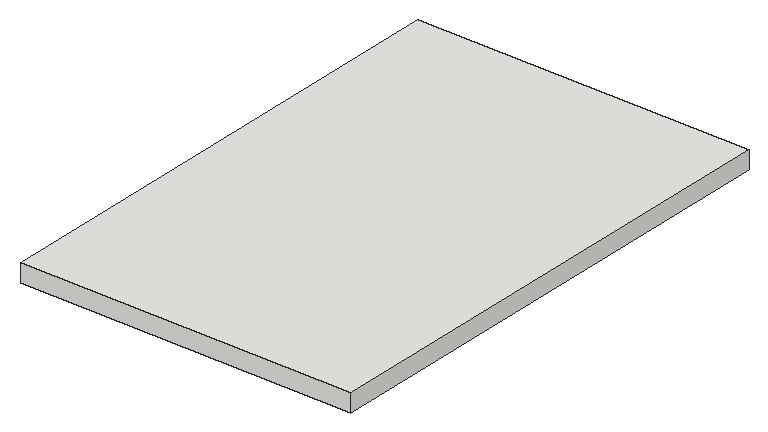
Revit family "SURVIVOR130xxWSxxxESGS0550x", category Leuchten, Revit 2019
Family settings
  Basisbauteil = Fläche
  Bemaßung runder Anschluss = Durchmesser verwenden
  Teiletyp = Normal
  OmniClass-Nummer = 23.80.70.11
  OmniClass-Titel = Luminaries for Internal Lighting
  Beim Laden mit Abzugskörper schneiden = Nein
  Lichtquelle = Ja
  Gemeinsam genutzt = Nein
  Raumberechnungspunkt = Nein
Parameters (values of type "SURVIVOR130NDWS840ESGS0550-RF")
  width = 240 mm  # constant formula
  weight = "11"
  voltage type (AC, DC, UC) = "AC"
  rated input power = 34
  product name = "SURVIVOR130NDWS840ESGS0550-RF"
  nominal voltage = "230"
  nominal frequency = "50-60Hz"
  length = 1300 mm  # constant formula
  ingress protection (IP) code = "IP65"
  height = 73 mm  # constant formula
  electrical safety class = "1"
  control gear = ""
  conformity mark = "CE"  # constant formula
  brand = "RIDI"
  approval mark = ""
  built-in parameter 1150104 = 13.8 (stored number, unit not read)
  Wattage = 39.9214 W
  Von Breite des Rechtecks ausssenden = 1228 mm
  Von Länge des Rechtecks aussenden = 181 mm  # constant formula
  Default Elevation = 0 mm
  built-in parameter 1150113 = 1 (stored number, unit not read)
  built-in parameter 1114218 = 1 (stored number, unit not read)
  URL = "www.ridi.de"
  built-in parameter 1150134 = 12
  built-in parameter 1150109 = 1 (stored number, unit not read)
  built-in parameter 1150110 = 1 (stored number, unit not read)
  Apparent Load = 34 VA
  Tilt Angle = 90.00°
  Modell = "0622239//420"
  built-in parameter 1114217 = 1 (stored number, unit not read)
  built-in parameter 1150139 = (empty or 0)
  built-in parameter 1150105 = 471.89 (stored number, unit not read)
  built-in parameter 1150114 = 1 (stored number, unit not read)
  Lumens = 5930 lm
  built-in parameter 1150115 = 1 (stored number, unit not read)
  built-in parameter 1150112 = 1 (stored number, unit not read)
  Lampe = "LED"
  Hersteller = "RIDI Leuchten GmbH"  # constant formula
  Dimming Lamp Color Temperature Shift = (empty or 0)
  Color Filter = 16777215
  built-in parameter 1150133 = 10 (stored number, unit not read)
  Emit Shape Visible in Rendering = no
  built-in parameter 1150137 = (empty or 0)
  built-in parameter 1150132 = 2
  Datei für fotometrisches Netz = "SURVIVOR_ESGS.IES"
  Copyright = "© RIDI. All rights reserved."  # constant formula
  built-in parameter 1150106 = 4.7189 (stored number, unit not read)
  Baugruppenkennzeichen = "D5020200"
  built-in parameter 1150107 = 4000 (stored number, unit not read)
  built-in parameter 1150102 = (empty or 0)
  built-in parameter 1150138 = (empty or 0)
Types (5, lengths in mm): name | rated input power | product name | Wattage | built-in parameter 1150134 | Apparent Load | Modell | built-in parameter 1150105 | Lumens | built-in parameter 1150106 | built-in parameter 1150107
  (no name) | 34 | "SURVIVOR130NDWS840ESGS0550-RF" | 39.9214 W | 12 | 34 VA | "0622239//420" | 471.89 (stored number, unit not read) | 5930 lm | 4.7189 (stored number, unit not read) | 4000 (stored number, unit not read)
  SURVIVOR130DAWS830ESGS0550 | 35 | "SURVIVOR130DAWS830ESGS0550" | 37.9691 W | (empty or 0) | 35 VA | "0632235" | 448.82 (stored number, unit not read) | 5640 lm | 4.4882 (stored number, unit not read) | 3000 (stored number, unit not read)
  SURVIVOR130NDWS830ESGS0550-RF | 34 | "SURVIVOR130NDWS830ESGS0550-RF" | 37.9017 W | (empty or 0) | 34 VA | "0622235//420" | 2014.1 (stored number, unit not read) | 5630 lm | 20.141 (stored number, unit not read) | 3000 (stored number, unit not read)
  SURVIVOR130DAWS840ESGS0550 | 35 | "SURVIVOR130DAWS840ESGS0550" | 39.9887 W | 12 | 35 VA | "0632239" | 472.69 (stored number, unit not read) | 5940 lm | 4.7269 (stored number, unit not read) | 4000 (stored number, unit not read)
  SURVIVOR130NDWS840ESGS0550-RF | 34 | "SURVIVOR130NDWS840ESGS0550-RF" | 39.9214 W | 12 | 34 VA | "0622239//420" | 471.89 (stored number, unit not read) | 5930 lm | 4.7189 (stored number, unit not read) | 4000 (stored number, unit not read)
Reference planes
  plane 1 "Mitte (Vorne/hinten)": y = 0
  plane 2: z = 0
  plane 3 "Mitte (Links/rechts)": x = 0
  plane 4: z = 1200
Forms (mm)
  Extrusion 1, solid
    sketch origin (219.2, 280.8, 0) x (1, 0, 0) y (0, 1, 0)
      loop
        line (-1219.2, 1219.2) -> (-1219.2, -1780.8) -> (780.8, -1780.8) -> (780.8, 1219.2) -> (-1219.2, 1219.2)
    from 0 to -107.307
Dimensions and locks
  plane 4 to Extrusion 1 = 1200 mm
  aligned and locked: plane 2 to Extrusion 1
  aligned and locked: level to Extrusion 1
  aligned and locked: import instance to Extrusion 1
Connectors
  electrical at (53.526, -623.6, 2.275), driven by "Apparent Load"
    settings: on import instance, index 1, voltage 230 V, apparent load 0 VA, apparent load phase1 34 VA, apparent load phase2 0 VA, apparent load phase3 0 VA, power factor 1, load classification "Lighting", number of poles 1, system type 31, power factor state 1, is connector primary yes, connector utility no, sub classification motor no, connector description ""
